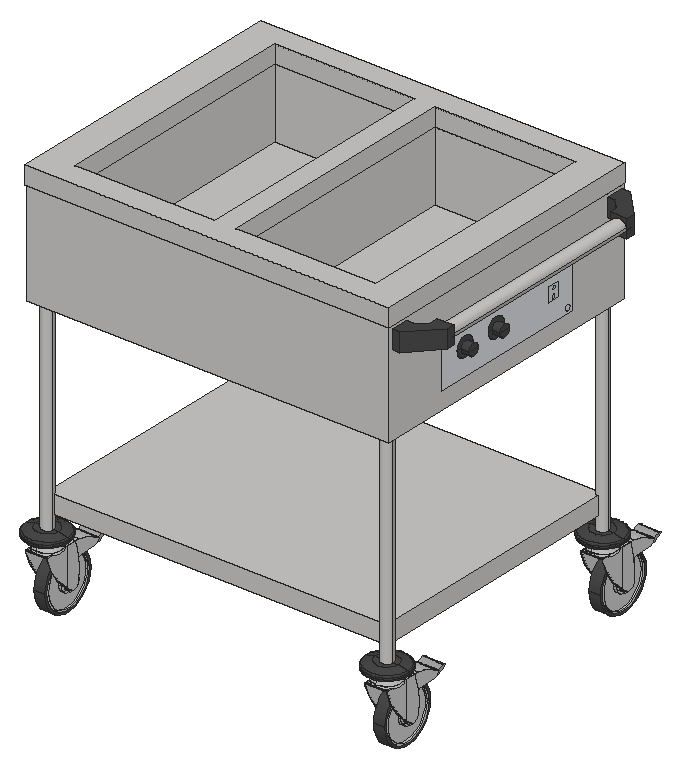
Revit family "QF_BOURGEAT_2GN_bain_marie mobile_sans_etuve_cuve_separees", category Equipement spécialisé, Revit 2015
Parameters (values of type "commandes_petit_cote")
  lg_barre_transport = 635 mm
  commande_petit_cote = yes
  commande_grand_cote = no
  URL catalogue = "http://www.bourgeat.fr"
  URL = ""
  Type de Raccord Electrique = ""
  Type article = ""
  Tension = 230 V
  Spécification du Fabricant = "bain-marie mobiles"
  Remarques Plomberie = ""
  Remarques Electricité = ""
  Puissance électrique  = 1400 W
  Profondeur hors tout = 690 mm
  Poids net à vide = 45.00 kg
  Phase = 2
  Nature_isolant = "30mm laine de roche"
  Modèle = "872012"
  Longueur hors tout = 900 mm
  Intensité nominale = 6.09 A
  Indice de protection = "21"
  Hauteur hors tout = 900 mm
  Fréquence = 50 Hz
  Fabricant = "BOURGEAT"
  Diamètre de Raccordement Evacuation = 26.7 mm
  Contact SAV = "0033(0)4.76.32.14.44"
  Charge max = 60.00 kg
Types (3, lengths in mm): name | lg_barre_transport | commande_petit_cote | commande_grand_cote | Puissance électrique  | Profondeur hors tout | Poids net à vide | Modèle | Longueur hors tout
  (no name) | 635 | yes | no | 1400 W | 690 | 45.00 kg | "872012" | 900
  commandes_petit_cote | 635 | yes | no | 1400 W | 690 | 45.00 kg | "872012" | 900
  commande_grand_cote | 566 | no | yes | 1300 W | 755 | 40.00 kg | "872312" | 835
Reference planes
  plane 1 "Centre (avant/arrière)": y = 0
  plane 2: z = 0
  plane 3 "Centre (gauche/droite)": x = 0
  plane 4: z = 856
  plane 5: z = 797.5
Forms (mm)
  Extrusion 1, solid, visible <- "commande_grand_cote"
    sketch origin (0, 0, 0) x (1, 0, 0) y (0, 0, 1)
      loop
        circle (161.666, 685.055) r 5
    from 326 to 328.244
  Extrusion 2, solid, visible <- "commande_petit_cote"
    sketch origin (0, 0, 0) x (0, 1, 0) y (0, 0, 1)
      loop
        circle (164.043, 687.87) r 5
    from 404.744 to 402.5
Dimensions and locks
  aligned and locked: level to plane 2
  aligned and locked: plane 3 "Centre (gauche/droite)" to nested 1
  aligned and locked: plane 1 "Centre (avant/arrière)" to nested 1
  aligned and locked: nested 3 to plane 4
  aligned and locked: nested 3 to nested 1
  aligned and locked: plane 1 "Centre (avant/arrière)" to nested 3
  aligned and locked: nested 3 to nested 4
  aligned and locked: nested 4 to plane 5
  aligned and locked: plane 5 to nested 5
  aligned and locked: plane 3 "Centre (gauche/droite)" to nested 5
  aligned and locked: nested 5 to nested 1
  aligned and locked: nested 6 to nested 1
  aligned and locked: nested 6 to plane 3 "Centre (gauche/droite)"
  aligned and locked: plane 4 to nested 6
  aligned and locked: Extrusion 2 to nested 2
  aligned and locked: nested 7 to nested 2  (x2)
  aligned and locked: nested 8 to nested 2
  aligned and locked: nested 1 to nested 8
  aligned and locked: nested 1 to nested 7
Nested families
  nested 1: "2GN_chariot" at (0, 0, 0), type "2GN_chariot"
  nested 2: "2GN_cuve_separée" at (0, 0, 862.5), type "2GN_cuve_separée"
  nested 3: "supports+barre_transport" at (400.5, 0, 816) x (0, -1, 0) z (0, 0, 1), visible <- "commande_petit_cote", type "supports+barre_transport"
  nested 4: "interface" at (402.5, 0, 735.5) x (0, 1, 0) z (0, 0, 1), visible <- "commande_petit_cote", type "interface"
  nested 5: "interface" at (0, -326, 735.5), visible <- "commande_grand_cote", type "interface"
  nested 6: "supports+barre_transport" at (0, -324, 816) x (-1, 0, 0) z (0, 0, 1), visible <- "commande_grand_cote", type "supports+barre_transport"
  nested 7: "vanne" at (-177.5, 226, 570), type "vanne"
  nested 8: "vanne" at (177.5, 226, 570), type "vanne"
Connectors
  electrical at (404.744, 164.043, 687.87), driven by "Tension"
    settings: on Extrusion 2, index 1, voltage 230 V, apparent load 0 VA, apparent load phase1 1400 VA, apparent load phase2 0 VA, apparent load phase3 0 VA, power factor 1, load classification "Autre", number of poles 1, system type 30, power factor state 1, is connector primary yes, connector utility no, sub classification motor no, connector description ""
  electrical at (161.666, -328.244, 685.055), driven by "Tension"
    settings: on Extrusion 1, index 2, voltage 230 V, apparent load 0 VA, apparent load phase1 1400 VA, apparent load phase2 0 VA, apparent load phase3 0 VA, power factor 1, load classification "Autre", number of poles 1, system type 30, power factor state 1, is connector primary no, connector utility no, sub classification motor no, connector description ""
  piping at (177.5, 226, 570), diameter 20
    settings: on nested 8, index 3, connector inside diameter 609.6 mm, connector length 0 mm, flow factor 0, pipe flow 0.0 L/s, pressure drop 0.0 Pa, fitting loss kfactor 0, connector angle 0.00°, fixture units 0, engagement length 0 mm, angle of deflection 0.00°, flow configuration 0, flow direction 2, fitting loss method 0, system type 19, joint type 0, gender type 0, connector reference index -1, connector utility 0, adjustable connector no, is connector primary yes, connector description ""
  piping at (-177.5, 226, 570), diameter 20
    settings: on nested 7, index 4, connector inside diameter 609.6 mm, connector length 0 mm, flow factor 0, pipe flow 0.0 L/s, pressure drop 0.0 Pa, fitting loss kfactor 0, connector angle 0.00°, fixture units 0, engagement length 0 mm, angle of deflection 0.00°, flow configuration 0, flow direction 2, fitting loss method 0, system type 19, joint type 0, gender type 0, connector reference index -1, connector utility 0, adjustable connector no, is connector primary no, connector description ""
Definition of nested family "2GN_chariot"
  Reference planes
    plane 1 "Centre (avant/arrière)": y = 0
    plane 2: z = 0
    plane 3 "Centre (gauche/droite)": x = 0
    plane 4: x = 375.5
    plane 5: x = -375.5
    plane 6: y = 298
    plane 7: y = -298
    plane 8: z = 182
    plane 9: z = 633
    plane 10: y = 324
    plane 11: y = -324
    plane 12: x = 400.5
    plane 13: x = -400.5
    plane 14: z = 862.5
    plane 15: z = 212
    plane 16: z = 252
    plane 17: x = -177.5
    plane 18: x = 177.5
    plane 19: y = 226
    plane 20: z = 692.5
  Forms (mm)
    Extrusion 1, solid
      sketch origin (0, 0, 0) x (1, 0, 0) y (0, 1, 0)
        loop
          circle (-375.5, 298) r 12.5
        loop
          circle (-375.5, -298) r 12.5
        loop
          circle (375.5, -298) r 12.5
        loop
          circle (375.5, 298) r 12.5
      from 182 to 633
    Extrusion 2, solid
      sketch origin (0, 0, 0) x (1, 0, 0) y (0, 1, 0)
        loop
          line (-400.5, 324) -> (-400.5, -324) -> (400.5, -324) -> (400.5, 324) -> (-400.5, 324)
      from 633 to 862.5
    Extrusion 3, void
      sketch origin (0, 0, 0) x (1, 0, 0) y (0, 1, 0)
        loop
          line (-375.5, 298) -> (-375.5, -298) -> (375.5, -298) -> (375.5, 298) -> (-375.5, 298)
      from 692.5 to 959.473
    Extrusion 4, solid
      sketch origin (0, 0, 0) x (1, 0, 0) y (0, 1, 0)
        loop
          arc (-375.5, -285.5) -> (-366.661, -289.161) -> (-363, -298) r 12.5
          line (-363, -298) -> (363, -298)
          arc (363, -298) -> (366.661, -289.161) -> (375.5, -285.5) r 12.5
          line (375.5, -285.5) -> (375.5, 285.5)
          arc (375.5, 285.5) -> (366.661, 289.161) -> (363, 298) r 12.5
          line (363, 298) -> (-363, 298)
          arc (-363, 298) -> (-366.661, 289.161) -> (-375.5, 285.5) r 12.5
          line (-375.5, 285.5) -> (-375.5, -285.5)
      from 212 to 252
    Extrusion 5, void
      sketch origin (0, 0, 0) x (1, 0, 0) y (0, 1, 0)
        loop
          circle (-177.5, 226) r 25
        loop
          circle (177.5, 226) r 25
      from 527.563 to 948.643
  Cuts and joins
    Extrusion 3 cuts Extrusion 1
    Extrusion 3, Extrusion 5 cuts Extrusion 2
    Extrusion 5 cuts Extrusion 4
  Dimensions and locks
    equal spacing: plane 5, plane 3 "Centre (gauche/droite)", plane 4
    locked: plane 5 to plane 4 at 751
    equal spacing: plane 6, plane 1 "Centre (avant/arrière)", plane 7
    locked: plane 6 to plane 7 at 596
    plane 10 to plane 11 = 648 mm
    equal spacing: plane 10, plane 1 "Centre (avant/arrière)", plane 11
    equal spacing: plane 13, plane 3 "Centre (gauche/droite)", plane 12
    locked: plane 13 to plane 12 at 801
    plane 10 to plane 19 = 98 mm
    plane 14 to plane 20 = 170 mm
    plane 13 to plane 17 = 223 mm
    locked: plane 17 to plane 18 at 355
    aligned and locked: level to plane 2
    aligned and locked: plane 9 to Extrusion 1
    aligned and locked: Extrusion 1 to plane 8
    aligned and locked: Extrusion 2 sketch curve to plane 11
    aligned and locked: Extrusion 2 sketch curve to plane 12
    aligned and locked: Extrusion 2 sketch curve to plane 13
    aligned and locked: Extrusion 2 sketch curve to plane 10
    aligned and locked: plane 14 to Extrusion 2
    aligned and locked: Extrusion 2 to plane 9
    aligned and locked: nested 1 to Extrusion 3 sketch curve
    aligned and locked: Extrusion 3 sketch curve to plane 5
    aligned and locked: Extrusion 3 sketch curve to nested 3
    aligned and locked: Extrusion 3 sketch curve to plane 4
    aligned and locked: Extrusion 4 sketch curve to plane 6
    aligned and locked: Extrusion 4 sketch curve to plane 5
    aligned and locked: Extrusion 4 sketch curve to plane 7
    aligned and locked: Extrusion 4 sketch curve to plane 4
    aligned and locked: Extrusion 4 to plane 16
    aligned and locked: plane 15 to Extrusion 4
    aligned and locked: cut or joined group of Extrusion 2, Extrusion 3, Extrusion 5 to plane 20
  Automatic sketch dimensions
    Extrusion 1 sketch curve to plane 5 = 0 mm  (x2)
    Extrusion 1 sketch curve to plane 4 = 0 mm  (x2)
    plane 7 to Extrusion 1 sketch curve = 0 mm  (x2)
    Extrusion 1 sketch curve to plane 6 = 0 mm  (x2)
    Extrusion 4 sketch curve to plane 5 = 12.5 mm
    Extrusion 4 sketch curve to plane 4 = 12.5 mm
    Extrusion 4 sketch curve to Extrusion 4 sketch curve = 12.5 mm  (x2)
    Extrusion 5 sketch curve to plane 17 = 0 mm
    Extrusion 5 sketch curve to plane 18 = 0 mm
    Extrusion 5 sketch curve to plane 19 = 0 mm  (x2)
    radius of Extrusion 1 sketch curve = 12.5 mm  (x4)
    radius of Extrusion 5 sketch curve = 25 mm  (x2)
  Nested families
    nested 1: "ROULETTE" at (-375.5, 298, 0), type "ROULETTE"
      with Sans frein yes, Avec frein yes
    nested 2: "ROULETTE" at (375.5, 298, 0), type "ROULETTE"
      with Sans frein yes, Avec frein yes
    nested 3: "ROULETTE" at (375.5, -298, 0), type "ROULETTE"
      with Sans frein yes, Avec frein yes
    nested 4: "ROULETTE" at (-375.5, -298, 0), type "ROULETTE"
      with Sans frein yes, Avec frein yes
  Definition of nested family "ROULETTE"
    Parameters (values of type "ROULETTE")
      Sans frein [instance] = yes
      Avec frein [instance] = yes
    Reference planes
      plane 1 "Centre (avant/arrière)": y = 0
      plane 2: z = 0
      plane 3 "Centre (gauche/droite)": x = 0
      plane 4: y = 40.851
      plane 5: z = 62.5
    Forms (mm)
      Extrusion 1, solid
        sketch origin (0, 0, 0) x (0, 1, 0) y (0, 0, 1)
          loop
            circle (40.851, 62.5) r 62.5
          loop
            circle (40.851, 62.5) r 57.5
        from -12.5 to 12.5
      Revolve 2, solid
        sketch origin (0, 0, 30.333) x (1, 0, 0) y (0, 0, 1)
          loop
            line (0, 151.667) -> (-25, 151.667) -> (-45.338, 146.217)
            arc (-45.338, 146.217) -> (-46.897, 145.175) -> (-47.5, 143.4) r 2.917
            line (-47.5, 143.4) -> (-47.5, 138.833)
            arc (-47.5, 138.833) -> (-47.012, 137.655) -> (-45.833, 137.167) r 1.667
            line (-45.833, 137.167) -> (-24.607, 137.167) -> (-24, 132.667) -> (0, 132.667) -> (0, 151.667)
          axis (0, 151.667) -> (0, 132.667)
        angle from 0 to 360
      Revolve 3, solid
        sketch origin (0, 0, 0) x (0, 1, 0) y (0, 0, 1)
          loop
            line (0, 163) -> (-20.149, 163) -> (-20.149, 159.41) -> (-21.6, 159.41)
            arc (-21.6, 159.41) -> (-24.448, 158.65) -> (-26.537, 156.572) r 5.712
            line (-26.537, 156.572) -> (-30.146, 147.743) -> (-26.999, 147.062) -> (-26.999, 146.112)
            arc (-26.999, 146.112) -> (-27.23, 145.314) -> (-27.849, 144.761) r 1.5
            arc (-27.849, 144.761) -> (-29.223, 143.633) -> (-29.923, 142) r 3.75
            line (-29.923, 142) -> (0, 142) -> (0, 163)
          axis (0, 163) -> (0, 142)
        angle from 0 to 360
      Extrusion 4, solid
        sketch origin (0, 0, 0) x (0, 1, 0) y (0, 0, -1)
          loop
            line (-29.974, -138.241) -> (-29.974, -142) -> (21.747, -142) -> (21.747, -60.336)
            arc (21.747, -60.336) -> (10.272, -70.702) -> (-0.149, -82.127) r 160.057
            arc (-0.149, -82.127) -> (-17.883, -108.684) -> (-29.974, -138.241) r 159.585
        from -24.913 to -23.038
      Extrusion 5, solid
        sketch origin (0, 0, 0) x (0, 1, 0) y (0, 0, 1)
          loop
            line (-29.974, 142) -> (-29.974, 140.869) -> (21.747, 140.869) -> (21.747, 142) -> (-29.974, 142)
        from -23.038 to 23.038
      Extrusion 6, solid
        sketch origin (0, 0, 0) x (0, 1, 0) y (0, 0, 1)
          loop
            circle (40.851, 62.5) r 57.5
          loop
            circle (40.851, 62.5) r 55
        from -12.5 to 12.5
      Extrusion 7, solid
        sketch origin (0, 0, 0) x (0, 1, 0) y (0, 0, 1)
          loop
            circle (40.851, 62.5) r 55
        from -7 to 7
      Extrusion 8, solid
        sketch origin (0, 0, 0) x (0, 1, 0) y (0, 0, 1)
          loop
            circle (40.851, 62.5) r 21
        from 7 to 15
      Extrusion 9, solid
        sketch origin (0, 0, 0) x (0, 1, 0) y (0, 0, -1)
          loop
            circle (40.851, -62.5) r 16
        from -23.038 to -15
      Extrusion 10, solid, visible <- "Sans frein"
        sketch origin (0, 0, 0) x (0, 1, 0) y (0, 0, 1)
          loop
            arc (21.747, 60.336) -> (23.188, 59.17) -> (24.642, 58.02) r 161.23
            arc (24.642, 58.02) -> (29.34, 54.513) -> (34.187, 51.216) r 133.333
            arc (34.187, 51.216) -> (46.517, 50.3) -> (53.927, 60.198) r 12.867
            arc (53.927, 60.198) -> (54.714, 99.183) -> (46.119, 137.216) r 161.222
            arc (46.119, 137.216) -> (45.679, 138.887) -> (45.531, 140.609) r 10.076
            line (45.531, 140.609) -> (45.531, 142) -> (21.747, 142) -> (21.747, 60.336)
        from 23.038 to 24.913
      Extrusion 11, solid, visible <- "Sans frein"
        sketch origin (0, 0, 0) x (0, 1, 0) y (0, 0, 1)
          loop
            line (21.747, 142) -> (21.747, 140.701) -> (48.851, 140.701) -> (48.851, 142) -> (21.747, 142)
        from -23.038 to 23.038
      Extrusion 12, solid, visible <- "Avec frein"
        sketch origin (0, 0, 0) x (0, 1, 0) y (0, 0, 1)
          loop
            line (21.747, 142) -> (21.747, 60.336)
            arc (21.747, 60.336) -> (23.177, 59.179) -> (24.62, 58.038) r 160.008
            arc (24.62, 58.038) -> (29.041, 54.705) -> (33.574, 51.527) r 160
            arc (33.574, 51.527) -> (46.135, 50.422) -> (53.724, 60.491) r 13
            arc (53.724, 60.491) -> (55.279, 82.092) -> (53.902, 103.704) r 160
            arc (53.902, 103.704) -> (55.53, 108.653) -> (60.415, 110.463) r 6
            arc (60.415, 110.463) -> (80.625, 109.924) -> (100.725, 112.107) r 150
            arc (100.725, 112.107) -> (104.408, 113.406) -> (107.479, 115.819) r 12
            line (107.479, 115.819) -> (110.851, 121.523)
            arc (110.851, 121.523) -> (85.913, 134.651) -> (58.706, 142) r 127.902
            line (58.706, 142) -> (21.747, 142)
        from 23.038 to 24.913
      Extrusion 13, solid, visible <- "Avec frein"
        sketch origin (0, 0, 0) x (0, 1, 0) y (0, 0, 1)
          loop
            line (58.706, 142) -> (21.747, 142) -> (21.747, 140) -> (58.552, 140)
            arc (58.552, 140) -> (85.253, 132.762) -> (109.73, 119.866) r 125.902
            line (109.73, 119.866) -> (110.851, 121.523)
            arc (110.851, 121.523) -> (85.913, 134.651) -> (58.706, 142) r 127.902
        from -23.038 to 23.038
      Extrusion 14, solid, visible <- "Avec frein"
        sketch origin (0, 19.896, 18.175) x (0, 1, 0) y (0, 0, 1)
          loop
            line (87.583, 97.644) -> (91.829, 95.227)
            arc (91.829, 95.227) -> (93.8, 95.006) -> (95.312, 96.29) r 2.5
            arc (95.312, 96.29) -> (103.495, 100.002) -> (111.176, 104.666) r 74.999
            line (111.176, 104.666) -> (110.852, 105.929)
            arc (110.852, 105.929) -> (110.04, 107.086) -> (108.666, 107.417) r 2
            arc (108.666, 107.417) -> (101.396, 105.849) -> (94.512, 103.034) r 42.354
            line (94.512, 103.034) -> (93.479, 101.228) -> (93.285, 100.414) -> (91.69, 101.675) -> (90.401, 102.412) -> (87.583, 97.644)
        from -23.038 to 23.038
      Extrusion 15, solid, not visible
        sketch origin (0, 0, 0) x (0, 1, 0) y (0, 0, -1)
          loop
            line (-29.974, -138.241) -> (-29.974, -142) -> (21.747, -142) -> (21.747, -60.336)
            arc (21.747, -60.336) -> (10.272, -70.702) -> (-0.149, -82.127) r 160.057
            arc (-0.149, -82.127) -> (-17.883, -108.684) -> (-29.974, -138.241) r 159.585
        from -24.913 to -23.038
      Extrusion 16, solid, not visible
        sketch origin (0, 0, 0) x (0, 1, 0) y (0, 0, 1)
          loop
            circle (40.851, 62.5) r 21
        from 7 to 15
      Extrusion 17, solid, not visible
        sketch origin (0, 0, 0) x (0, 1, 0) y (0, 0, -1)
          loop
            circle (40.851, -62.5) r 16
        from -23.038 to -15
      Extrusion 18, solid, visible <- "Sans frein", not visible
        sketch origin (0, 0, 0) x (0, 1, 0) y (0, 0, 1)
          loop
            arc (21.747, 60.336) -> (23.188, 59.17) -> (24.642, 58.02) r 161.23
            arc (24.642, 58.02) -> (29.34, 54.513) -> (34.187, 51.216) r 133.333
            arc (34.187, 51.216) -> (46.517, 50.3) -> (53.927, 60.198) r 12.867
            arc (53.927, 60.198) -> (54.714, 99.183) -> (46.119, 137.216) r 161.222
            arc (46.119, 137.216) -> (45.679, 138.887) -> (45.531, 140.609) r 10.076
            line (45.531, 140.609) -> (45.531, 142) -> (21.747, 142) -> (21.747, 60.336)
        from 23.038 to 24.913
      Extrusion 19, solid, visible <- "Avec frein", not visible
        sketch origin (0, 0, 0) x (0, 1, 0) y (0, 0, 1)
          loop
            line (21.747, 142) -> (21.747, 60.336)
            arc (21.747, 60.336) -> (23.177, 59.179) -> (24.62, 58.038) r 160.008
            arc (24.62, 58.038) -> (29.041, 54.705) -> (33.574, 51.527) r 160
            arc (33.574, 51.527) -> (46.135, 50.422) -> (53.724, 60.491) r 13
            arc (53.724, 60.491) -> (55.279, 82.092) -> (53.902, 103.704) r 160
            arc (53.902, 103.704) -> (55.53, 108.653) -> (60.415, 110.463) r 6
            arc (60.415, 110.463) -> (80.625, 109.924) -> (100.725, 112.107) r 150
            arc (100.725, 112.107) -> (104.408, 113.406) -> (107.479, 115.819) r 12
            line (107.479, 115.819) -> (110.851, 121.523)
            arc (110.851, 121.523) -> (85.913, 134.651) -> (58.706, 142) r 127.902
            line (58.706, 142) -> (21.747, 142)
        from 23.038 to 24.913
      Extrusion 20, solid
        sketch origin (0, 0, 0) x (0, -1, 0) y (0, 0, -1)
          loop
            arc (29.974, -138.241) -> (17.883, -108.684) -> (0.149, -82.127) r 159.585
            arc (0.149, -82.127) -> (-10.272, -70.702) -> (-21.747, -60.336) r 160.057
            line (-21.747, -60.336) -> (-21.747, -142) -> (29.974, -142) -> (29.974, -138.241)
        from -24.913 to -23.038
      Extrusion 21, solid
        sketch origin (0, 0, 0) x (0, -1, 0) y (0, 0, 1)
          loop
            circle (-40.851, 62.5) r 21
        from 7 to 15
      Extrusion 22, solid
        sketch origin (0, 0, 0) x (0, -1, 0) y (0, 0, -1)
          loop
            circle (-40.851, -62.5) r 16
        from -23.038 to -15
      Extrusion 23, solid, visible <- "Sans frein"
        sketch origin (0, 0, 0) x (0, -1, 0) y (0, 0, 1)
          loop
            line (-21.747, 60.336) -> (-21.747, 142) -> (-45.531, 142) -> (-45.531, 140.609)
            arc (-45.531, 140.609) -> (-45.679, 138.887) -> (-46.119, 137.216) r 10.076
            arc (-46.119, 137.216) -> (-54.714, 99.183) -> (-53.927, 60.198) r 161.222
            arc (-53.927, 60.198) -> (-46.517, 50.3) -> (-34.187, 51.216) r 12.867
            arc (-34.187, 51.216) -> (-29.34, 54.513) -> (-24.642, 58.02) r 133.333
            arc (-24.642, 58.02) -> (-23.188, 59.17) -> (-21.747, 60.336) r 161.23
        from 23.038 to 24.913
      Extrusion 24, solid, visible <- "Avec frein"
        sketch origin (0, 0, 0) x (0, -1, 0) y (0, 0, 1)
          loop
            line (-21.747, 142) -> (-58.706, 142)
            arc (-58.706, 142) -> (-85.913, 134.651) -> (-110.851, 121.523) r 127.902
            line (-110.851, 121.523) -> (-107.479, 115.819)
            arc (-107.479, 115.819) -> (-104.408, 113.406) -> (-100.725, 112.107) r 12
            arc (-100.725, 112.107) -> (-80.625, 109.924) -> (-60.415, 110.463) r 150
            arc (-60.415, 110.463) -> (-55.53, 108.653) -> (-53.902, 103.704) r 6
            arc (-53.902, 103.704) -> (-55.279, 82.092) -> (-53.724, 60.491) r 160
            arc (-53.724, 60.491) -> (-46.135, 50.422) -> (-33.574, 51.527) r 13
            arc (-33.574, 51.527) -> (-29.041, 54.705) -> (-24.62, 58.038) r 160
            arc (-24.62, 58.038) -> (-23.177, 59.179) -> (-21.747, 60.336) r 160.008
            line (-21.747, 60.336) -> (-21.747, 142)
        from 23.038 to 24.913
    Dimensions and locks
      aligned and locked: level to plane 2
Definition of nested family "2GN_cuve_separée"
  Reference planes
    plane 1 "Centre (avant/arrière)": y = 0
    plane 2: z = 0
    plane 3 "Centre (gauche/droite)": x = 0
    plane 4: x = 402.5
    plane 5: x = -402.5
    plane 6: y = 326
    plane 7: y = -326
    plane 8: x = -332.5
    plane 9: x = 332.5
    plane 10: x = -22.5
    plane 11: x = 22.5
    plane 12: y = 276
    plane 13: y = -276
    plane 14: x = -177.5
    plane 15: x = 177.5
    plane 16: z = 40
    plane 17: z = -170
    plane 18: y = 226
  Forms (mm)
    Extrusion 1, solid
      sketch origin (0, 0, 0) x (1, 0, 0) y (0, 1, 0)
        loop
          line (-402.5, 326) -> (-402.5, -326) -> (402.5, -326) -> (402.5, 326) -> (-402.5, 326)
        loop
          line (-332.5, 276) -> (-332.5, -276) -> (-22.5, -276) -> (-22.5, 276) -> (-332.5, 276)
        loop
          line (22.5, -276) -> (332.5, -276) -> (332.5, 276) -> (22.5, 276) -> (22.5, -276)
      from 0 to 40
    Extrusion 2, solid
      sketch origin (0, 0, 0) x (1, 0, 0) y (0, 1, 0)
        loop
          line (-341.373, 287.105) -> (-341.373, -278) -> (-16.373, -278) -> (-16.373, 287.105) -> (-341.373, 287.105)
        loop
          line (12.478, 287.105) -> (12.478, -287.895) -> (352.478, -287.895) -> (352.478, 287.105) -> (12.478, 287.105)
      from 0 to -170
    Extrusion 3, void
      sketch origin (0, 0, 0) x (1, 0, 0) y (0, 1, 0)
        loop
          line (-332.5, 276) -> (-332.5, -276) -> (-22.5, -276) -> (-22.5, 276) -> (-332.5, 276)
        loop
          line (22.5, 276) -> (22.5, -276) -> (332.5, -276) -> (332.5, 276) -> (22.5, 276)
      from 76.929 to -155.016
    Extrusion 4, void
      sketch origin (0, 0, 0) x (1, 0, 0) y (0, 1, 0)
        loop
          circle (-177.5, 226) r 25
        loop
          circle (177.5, 226) r 25
      from -346.977 to 250
  Cuts and joins
    Extrusion 3 cuts Extrusion 1
    Extrusion 3, Extrusion 4 cuts Extrusion 2
  Dimensions and locks
    plane 6 to plane 7 = 652 mm
    plane 5 to plane 4 = 805 mm
    equal spacing: plane 5, plane 3 "Centre (gauche/droite)", plane 4
    equal spacing: plane 6, plane 1 "Centre (avant/arrière)", plane 7
    locked: plane 10 to plane 11 at 45
    locked: plane 8 to plane 10 at 310
    Extrusion 2 sketch curve to plane 13 = 2 mm
    aligned and locked: level to plane 2
    aligned and locked: plane 16 to Extrusion 1
    aligned and locked: Extrusion 1 sketch curve to plane 12  (x2)
    aligned and locked: Extrusion 1 sketch curve to plane 8
    aligned and locked: Extrusion 1 sketch curve to plane 13
    aligned and locked: Extrusion 1 sketch curve to plane 10
    aligned and locked: plane 13 to Extrusion 1 sketch curve
    aligned and locked: Extrusion 1 sketch curve to plane 11
    aligned and locked: Extrusion 1 sketch curve to plane 9
    aligned and locked: Extrusion 2 to plane 17
    aligned and locked: plane 2 to Extrusion 2
    aligned and locked: Extrusion 3 sketch curve to plane 12
    aligned and locked: Extrusion 3 sketch curve to plane 8
    aligned and locked: Extrusion 3 sketch curve to Extrusion 1  (x2)
    aligned and locked: Extrusion 3 sketch curve to plane 10
    aligned and locked: Extrusion 3 sketch curve to plane 11
    aligned and locked: Extrusion 3 sketch curve to plane 13
    aligned and locked: Extrusion 3 sketch curve to plane 9
  Automatic sketch dimensions
    Extrusion 1 sketch curve to plane 5 = 0 mm
    Extrusion 1 sketch curve to plane 4 = 0 mm
    plane 7 to Extrusion 1 sketch curve = 0 mm
    Extrusion 1 sketch curve to plane 6 = 0 mm
    Extrusion 2 sketch curve to plane 8 = 8.873 mm
    Extrusion 2 sketch curve to plane 10 = 6.127 mm
    Extrusion 2 sketch curve to plane 11 = 10.022 mm
    Extrusion 2 sketch curve to plane 9 = 19.978 mm
    plane 13 to Extrusion 2 sketch curve = 11.895 mm
    plane 12 to Extrusion 2 sketch curve = 11.105 mm  (x2)
    Extrusion 4 sketch curve to plane 14 = 0 mm
    Extrusion 4 sketch curve to plane 15 = 0 mm
    Extrusion 4 sketch curve to plane 18 = 0 mm  (x2)
    radius of Extrusion 4 sketch curve = 25 mm  (x2)
Definition of nested family "supports+barre_transport"
  Parameters (values of type "supports+barre_transport")
    lg_barre_transport = 635 mm
    lg_barre = lg_barre_transport - 120 mm  # 515 mm
  Reference planes
    plane 1 "Centre (avant/arrière)": y = 0
    plane 2: z = 0
    plane 3 "Centre (gauche/droite)": x = 0
    plane 4: x = -317.5
    plane 5: x = 317.5
    plane 6: y = 57.5
  Dimensions and locks
    "lg_barre_transport": plane 4 to plane 5
    equal spacing: plane 4, plane 3 "Centre (gauche/droite)", plane 5
    aligned and locked: level to plane 2
    aligned and locked: nested 1 to plane 4
    aligned and locked: plane 6 to nested 1
    aligned and locked: nested 3 to plane 6
    aligned and locked: nested 2 to plane 5
    aligned and locked: nested 3 to plane 3 "Centre (gauche/droite)"
    aligned and locked: nested 3 to nested 1
  Nested families
    nested 1: "support barre" at (-317.5, 0, 0), type "support barre"
    nested 2: "support barre" at (317.5, 0, 0) x (-1, 0, 0) z (0, 0, 1), type "support barre"
    nested 3: "barre" at (-257.5, 57.5, 20) x (0, 1, 0) z (0, 0, 1), type "barre"
  Definition of nested family "support barre"
    Reference planes
      plane 1 "Centre (avant/arrière)": y = 0
      plane 2: z = 0
      plane 3 "Centre (gauche/droite)": x = 0
      plane 4: y = 76
      plane 5: x = 78
      plane 6: y = 19
      plane 7: x = 60
      plane 8: through (0, 19, 1200) normal (-0.6887, 0.725, 0)
      plane 9: x = 40
      plane 10: z = 40
      plane 11: y = 57.5
      plane 12: z = 20
    Forms (mm)
      Extrusion 1, solid
        sketch origin (0, 0, 0) x (1, 0, 0) y (0, 1, 0)
          loop
            line (0, 0) -> (40, 0) -> (40, 19) -> (60, 39) -> (78, 39) -> (78, 76) -> (60, 76) -> (0, 19) -> (0, 0)
        from 0 to 40
      Extrusion 2, void
        sketch origin (0, 0, 0) x (0, 1, 0) y (0, 0, 1)
          loop
            circle (57.5, 20) r 15
        from 60 to 250
    Cuts and joins
      Extrusion 2 cuts Extrusion 1
    Dimensions and locks
      plane 1 "Centre (avant/arrière)" to plane 4 = 76 mm
      plane 3 "Centre (gauche/droite)" to plane 5 = 78 mm
      aligned and locked: level to plane 2
      aligned and locked: plane 10 to Extrusion 1
      aligned and locked: plane 12 to Extrusion 2 sketch curve
      aligned and locked: Extrusion 2 to plane 7
  Definition of nested family "barre"
    Parameters (values of type "barre")
      lg_barre = 515 mm
    Reference planes
      plane 1 "Centre (avant/arrière)": y = 0
      plane 2: z = 0
      plane 3 "Centre (gauche/droite)": x = 0
      plane 4: y = -515
      plane 5: y = -257.5
    Forms (mm)
      Extrusion 1, solid
        sketch origin (0, 0, 0) x (1, 0, 0) y (0, 0, 1)
          loop
            circle (0, 0) r 15
        from 0 to 515
    Dimensions and locks
      "lg_barre": plane 4 to plane 1 "Centre (avant/arrière)"
      equal spacing: plane 4, plane 5, plane 1 "Centre (avant/arrière)"
      aligned and locked: level to plane 2
      aligned and locked: Extrusion 1 to plane 4
    Automatic sketch dimensions
      Extrusion 1 sketch curve to level = 0 mm
      Extrusion 1 sketch curve to plane 3 "Centre (gauche/droite)" = 0 mm
      radius of Extrusion 1 sketch curve = 15 mm
Definition of nested family "interface"
  Reference planes
    plane 1 "Centre (avant/arrière)": y = 0
    plane 2: z = 0
    plane 3 "Centre (gauche/droite)": x = 0
    plane 4: x = 180
    plane 5: x = -180
    plane 6: z = 62
    plane 7: z = -62
    plane 8: x = -119
    plane 9: x = -33
    plane 10: x = 138
    plane 11: x = 113
    plane 12: z = 15.5
    plane 13: z = -15.5
    plane 14: y = 2
  Forms (mm)
    Extrusion 1, solid
      sketch origin (0, 0, 0) x (1, 0, 0) y (0, 0, 1)
        loop
          line (-180, 62) -> (-180, -62) -> (180, -62) -> (180, 62) -> (-180, 62)
      from 0 to -2
  Dimensions and locks
    plane 14 to plane 1 "Centre (avant/arrière)" = 2 mm
    aligned and locked: level to plane 2
    aligned and locked: Extrusion 1 sketch curve to plane 6
    aligned and locked: Extrusion 1 sketch curve to plane 5
    aligned and locked: Extrusion 1 sketch curve to plane 7
    aligned and locked: Extrusion 1 sketch curve to plane 4
    aligned and locked: Extrusion 1 to plane 14
    aligned and locked: nested 1 to plane 1 "Centre (avant/arrière)"
    aligned and locked: nested 1 to plane 10
    aligned and locked: plane 12 to nested 1
    aligned and locked: nested 2 to Extrusion 1
    aligned and locked: nested 3 to Extrusion 1
  Nested families
    nested 1: "switch" at (125.5, 0, -15.5) x (-1, 0, 0) z (0, 0, 1), type "switch"
    nested 2: "bouton_rond" at (-119, 0, 0) x (-1, 0, 0) z (0, 0, 1), type "bouton_rond"
    nested 3: "bouton_rond" at (-33, 0, 0) x (-1, 0, 0) z (0, 0, 1), type "bouton_rond"
  Definition of nested family "switch"
    Reference planes
      plane 1 "Centre (avant/arrière)": y = 0
      plane 2: z = 0
      plane 3 "Centre (gauche/droite)": x = 0
      plane 4: y = 5
      plane 5: y = 1
      plane 6: z = 31
      plane 7: x = 12.5
      plane 8: x = -12.5
      plane 9: z = 25.177
    Forms (mm)
      Extrusion 1, solid
        sketch origin (0, 0, 0) x (0, 1, 0) y (0, 0, 1)
          loop
            line (0, 0) -> (1, 0) -> (2.152, 31) -> (0, 31) -> (0, 0)
        from -12.5 to 12.5
      Extrusion 2, solid
        sketch origin (0, 0, 4.291) x (1, 0, 0) y (0, 0, 1)
          loop
            circle (0, 20.886) r 3.186
          loop
            line (1.701, -1.363) -> (1.701, 7.758) -> (-1.378, 7.758) -> (-1.378, -1.363) -> (1.701, -1.363)
        from 0 to -2.244
    Dimensions and locks
      plane 6 to plane 2 = 31 mm
      aligned and locked: level to plane 2
      aligned and locked: plane 5 to Extrusion 1 sketch curve
      aligned and locked: plane 6 to Extrusion 1
      aligned and locked: plane 8 to Extrusion 1
      aligned and locked: plane 7 to Extrusion 1
      aligned and locked: plane 3 "Centre (gauche/droite)" to Extrusion 2 sketch curve
      aligned and locked: plane 9 to Extrusion 2
  Definition of nested family "bouton_rond"
    Reference planes
      plane 1 "Centre (avant/arrière)": y = 0
      plane 2: z = 0
      plane 3 "Centre (gauche/droite)": x = 0
      plane 4: y = 2
      plane 5: y = 21
      plane 6: x = -21.5
      plane 7: x = -12.5
    Forms (mm)
      Revolve 1, solid
        sketch origin (0, 0, 0) x (1, 0, 0) y (0, 1, 0)
          loop
            line (0, 0) -> (0, 21) -> (-12.5, 21) -> (-12.5, 2) -> (-21.5, 2) -> (-21.5, 0) -> (0, 0)
          axis (0, 21) -> (0, 0)
        angle from 0 to 360
    Dimensions and locks
      aligned and locked: level to plane 2
Definition of nested family "vanne"
  Reference planes
    plane 1 "Centre (avant/arrière)": y = 0
    plane 2: z = 0
    plane 3 "Centre (gauche/droite)": x = 0
    plane 4: z = 68
    plane 5: x = 19
    plane 6: x = -19
    plane 7: x = -3.967
    plane 8: x = 5
  Forms (mm)
    Revolve 1, solid
      sketch origin (0, 0, 0) x (1, 0, 0) y (0, 0, 1)
        loop
          line (0, 68) -> (-10, 68) -> (-10, 63) -> (-14.261, 63) -> (-14.261, 58) -> (-19, 58) -> (-19, 11.887) -> (-14.261, 11.887) -> (-14.261, 7.667) -> (-10, 7.667) -> (-10, 0) -> (0, 0) -> (0, 68)
        axis (0, 68) -> (0, 0)
      angle from 0 to 360
    Extrusion 2, solid
      sketch origin (0, 0, 0) x (0, 1, 0) y (0, 0, 1)
        loop
          line (-17.211, 46.213) -> (-17.211, 48.933) -> (-34.5, 48.933) -> (-34.5, -38.787) -> (-31.377, -38.787) -> (-31.377, 46.213) -> (-17.211, 46.213)
      from -3.967 to 5
  Dimensions and locks
    aligned and locked: level to plane 2
    aligned and locked: plane 7 to Extrusion 2
    aligned and locked: plane 8 to Extrusion 2
